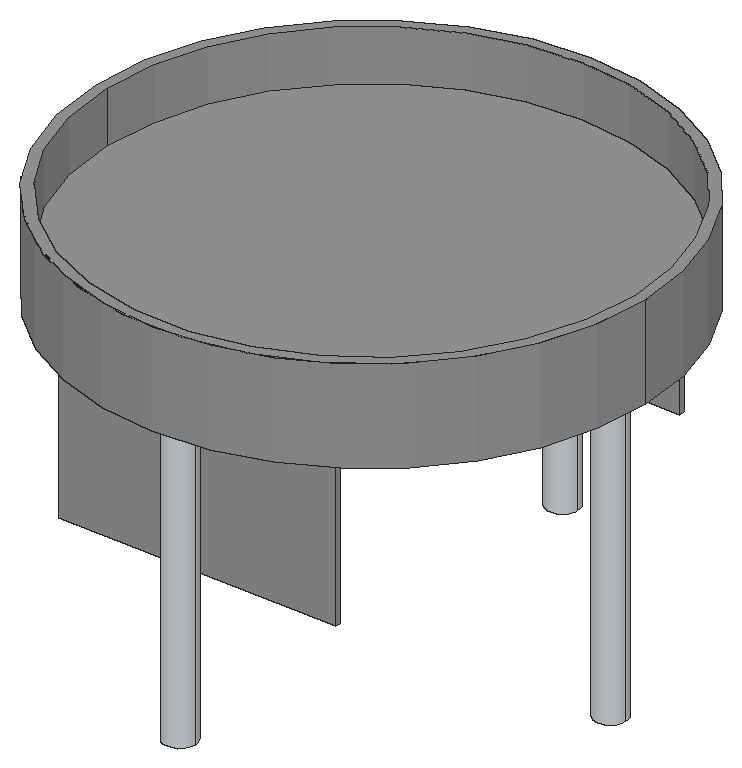
Revit family "Nivellierbare Schwerlastkassette,blind, RKRSL, 20, 4", category Generic Models, Revit 2015
Parameters (values of type "RKR2 4SL2 V2 20")
  URL = "http://www.obo-bettermann.com"
  Material = Stainless Steel, Polished
  Manufacturer Art.No. = "7409072"
  Manufacturer = "OBO Bettermann"
  HeightCalc = if(Height < 105 mm, 105 mm, (if(Height > 155 mm, 155 mm, Height)))  # 150 mm
  Height 1 = 36.5 mm
  Height = 150 mm
  GTIN = "4012195868132"
  Diameter 1 = 206 mm
  Diameter = 214 mm
  Cut depth = 20 mm
  Article Type = "RKR2 4SL2 V2 20"
Reference planes
  plane 1 "Center (Front/Back)": y = 0
  plane 2: z = 0
  plane 3 "Center (Left/Right)": x = 0
  plane 4: z = 113.5
  plane 5: y = 99.5
  plane 6: y = -99.5
  plane 7: z = 150
  plane 8: z = 54.7
  plane 9: z = 130
Forms (mm)
  Extrusion 1, solid
    sketch origin (0, 0, 0) x (1, 0, 0) y (0, 1, 0)
      loop
        circle (0, 93.25) r 6
      loop
        circle (0, -93.25) r 6
      loop
        circle (-93.25, 0) r 6
      loop
        circle (93.25, 0) r 6
    from 0 to 113.5
  Extrusion 2, solid, material "Stainless Steel, Polished" <- "Material"
    sketch origin (0, 0, 0) x (1, 0, 0) y (0, 1, 0)
      loop
        line (-54, 85) -> (-54, 83) -> (54, 83) -> (54, 85) -> (-54, 85)
      loop
        line (-54, -83) -> (-54, -85) -> (54, -85) -> (54, -83) -> (-54, -83)
    from 54.7 to 113.5
  Extrusion 3, solid, material "Stainless Steel, Polished" <- "Material"
    sketch origin (0, 0, 0) x (1, 0, 0) y (0, 1, 0)
      loop
        circle (0, 0) r 107
    from 113.5 to 150
  Extrusion 4, void
    sketch origin (0, 0, 0) x (1, 0, 0) y (0, 1, 0)
      loop
        circle (0, 0) r 103
    from 130 to 150
Cuts and joins
  Extrusion 4 cuts Extrusion 1
  Extrusion 4 cuts Extrusion 2
  Extrusion 4 cuts Extrusion 3
Dimensions and locks
  "HeightCalc": plane 7 to level
  "Height 1": plane 7 to plane 4
  locked: Extrusion 2 sketch curve to Extrusion 2 sketch curve at 108  (x2)
  locked: Extrusion 2 sketch curve to Extrusion 2 sketch curve at 2  (x2)
  locked: plane 4 to plane 8 at 58.8
  "Cut depth": plane 7 to plane 9
  locked: plane 5 to plane 6 at 199
  equal spacing: plane 5, plane 1 "Center (Front/Back)", plane 6, locked at 99.5 each
  locked: plane 1 "Center (Front/Back)" to Extrusion 1 sketch curve at 93.25
  locked: Extrusion 1 sketch curve to plane 1 "Center (Front/Back)" at 93.25
  locked: Extrusion 1 sketch curve to plane 3 "Center (Left/Right)" at 93.25
  locked: plane 3 "Center (Left/Right)" to Extrusion 1 sketch curve at 93.25
  equal spacing: Extrusion 2 sketch curve, plane 3 "Center (Left/Right)", Extrusion 2 sketch curve, locked at 54 each  (x2)
  locked: Extrusion 2 sketch curve to Extrusion 2 sketch curve at 166
  equal spacing: Extrusion 2 sketch curve, plane 1 "Center (Front/Back)", Extrusion 2 sketch curve, locked at 83 each
  diameter of Extrusion 1 sketch curve = 12 mm  (x4)
  "Diameter": diameter of Extrusion 3 sketch curve
  "Diameter 1": diameter of Extrusion 4 sketch curve
  aligned and locked: level to plane 2
  aligned and locked: plane 4 to Extrusion 1
  aligned and locked: Extrusion 1 to Extrusion 2
  aligned and locked: Extrusion 2 to plane 8
  aligned and locked: Extrusion 3 to Extrusion 1
  aligned and locked: plane 7 to Extrusion 3
  aligned and locked: cut or joined group of Extrusion 3, Extrusion 4 to Extrusion 4
  aligned and locked: Extrusion 4 to plane 9
Automatic sketch dimensions
  Extrusion 1 sketch curve to plane 3 "Center (Left/Right)" = 0 mm  (x2)
  plane 1 "Center (Front/Back)" to Extrusion 1 sketch curve = 0 mm  (x2)
  plane 1 "Center (Front/Back)" to Extrusion 4 sketch curve = 0 mm
  Extrusion 4 sketch curve to plane 3 "Center (Left/Right)" = 0 mm
  plane 1 "Center (Front/Back)" to Extrusion 3 sketch curve = 0 mm
  Extrusion 3 sketch curve to plane 3 "Center (Left/Right)" = 0 mm
